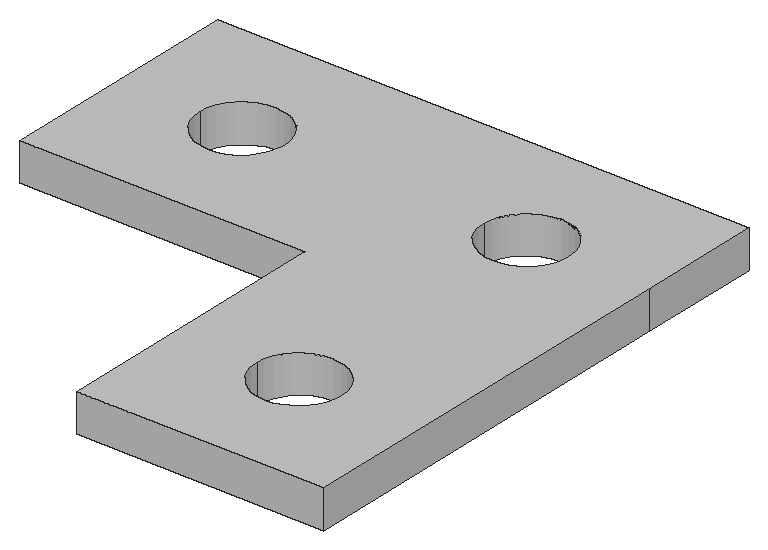
Revit family "P1036_3_Hole_Flat_Plate_Fitting", category Generic Models, Revit 2020
Family settings
  Can host rebar = No
  Round Connector Dimension = Use Diameter
  Part Type = Normal
  OmniClass Number = 23.80.30.17.17
  OmniClass Title = Cable Trays and Horizontal Racks
  Work Plane-Based = Yes
  Always vertical = No
  Cut with Voids When Loaded = No
  Shared = No
  Room Calculation Point = No
Parameters (values of type "P1036 ST")
  Weight = 0.580 lbm
  URL = "https://www.atkore.com/products/strut-and-fittings/p1036"
  UPC = "\"786364051970\""
  Type Comments = "80_77_27_15"
  Thickness = 0.250"
  Salsify ID6 = ""
  Salsify ID5 = ""
  Salsify ID4 = ""
  Salsify ID3 = ""
  Salsify ID2 = ""
  Salsify ID1 = "US-P1036"
  Power-Strut Part Number = ""
  Part Number = "P1036 ST"
  Model = "P1036"
  Material = Stainless Steel
  Manufacturer = "Atkore Unistrut"
  Length = 3.500"
  LL = 1.875"
  Hole Diameter = 0.5625"
  Disclaimer = "http://www.unistrut.us/model-disclaimer/"
  Description = "P1036 - 3 Hole Flat Plate Fitting"
  Default Elevation = 48.000"
  Center Distance = 0.8125"
Types (9): name | Weight | UPC | Salsify ID6 | Salsify ID5 | Salsify ID4 | Salsify ID3 | Salsify ID2 | Power-Strut Part Number | Part Number | Material
  P1036 EG | 0.580 lbm | "\"0786364103617\"" | " " | " " | " " | " " | " " | "PS 718 EG" | "P1036 EG" | Electro Galvanized
  P1036 DF | 0.610 lbm | "\"786364050867\"" | "" | "" | "" | "" | "" | "" | "P1036 DF" | Defender
  P1036 HG | 0.610 lbm | "\"78636401605\"" | " " | " " | " " | " " | " " | "PS 718 HDG" | "P1036 HG" | Hot Dip Galvanized
  P1036 GR | 0.580 lbm | "\"78636410360\"" | " " | " " | " " | " " | " " | "PS 718 GRN" | "P1036 GR" | Green
  P1036 PL | 0.580 lbm | "\"786364016061\"" | "" | "" | "" | "" | "" | "" | "P1036 PL" | Plain
  P1036 AL | 0.270 lbm | "\"786364016023\"" | "" | "" | "" | "" | "" | "" | "P1036 AL" | Aluminum
  P1036 SS | 0.580 lbm | "\"78636489058\"" | " " | " " | " " | " " | " " | "PS 718 SS" | "P1036 SS" | Stainless Steel
  P1036 ST | 0.580 lbm | "\"786364051970\"" | "" | "" | "" | "" | "" | "" | "P1036 ST" | Stainless Steel
  P1036 ZD | 0.580 lbm | "\"78636400720\"" | " " | " " | " " | " " | " " | "PS 718 ZD" | "P1036 ZD" | Zinc Dichromate
Reference planes (in)
  plane 1 "Center (Front/Back)": y = 0
  plane 2: z = 0
  plane 3 "Center (Left/Right)": x = 0
  plane 4: y = -0.8125
  plane 5: y = -2.6875
  plane 6: x = 0.8125
  plane 7: x = -2.6875
  plane 8: z = 0.25
Forms (in)
  Extrusion 1, solid, material "Stainless Steel" <- "Material"
    sketch origin (0, 0, 0) x (1, 0, 0) y (0, 1, 0)
      loop
        line (0.8125, 0) -> (0.8125, 0.8125) -> (-2.6875, 0.8125) -> (-2.6875, -0.8125) -> (-0.8125, -0.8125) -> (-0.8125, -2.6875) -> (0.8125, -2.6875) -> (0.8125, 0)
      loop
        circle (0, 0) r 0.28125
      loop
        circle (0, -1.875) r 0.28125
      loop
        circle (-1.875, 0) r 0.28125
    from 0 to 0.25
Dimensions and locks (in)
  "Length": plane 7 to plane 6
  "Center Distance": plane 3 "Center (Left/Right)" to plane 6
  "Center Distance": plane 1 "Center (Front/Back)" to Extrusion 1 sketch curve
  "Center Distance": Extrusion 1 sketch curve to plane 3 "Center (Left/Right)"
  "Center Distance": plane 4 to plane 1 "Center (Front/Back)"
  "LL": plane 5 to plane 4
  "Center Distance": plane 7 to Extrusion 1 sketch curve
  "Center Distance": Extrusion 1 sketch curve to plane 6
  "Center Distance": plane 5 to Extrusion 1 sketch curve
  "Thickness": plane 8 to plane 2
  "Hole Diameter": diameter of Extrusion 1 sketch curve  (x3)
  aligned and locked: plane 2 to level
  aligned and locked: plane 1 "Center (Front/Back)" to Extrusion 1 sketch curve  (x2)
  aligned and locked: plane 3 "Center (Left/Right)" to Extrusion 1 sketch curve
  aligned and locked: plane 8 to Extrusion 1
  aligned and locked: Extrusion 1 to level
Automatic sketch dimensions
  Extrusion 1 sketch curve to plane 7 = 0.000"
  Extrusion 1 sketch curve to plane 6 = 0.000"
  plane 5 to Extrusion 1 sketch curve = 0.000"
  plane 4 to Extrusion 1 sketch curve = 0.000"
  plane 1 "Center (Front/Back)" to Extrusion 1 sketch curve = 0.000"
